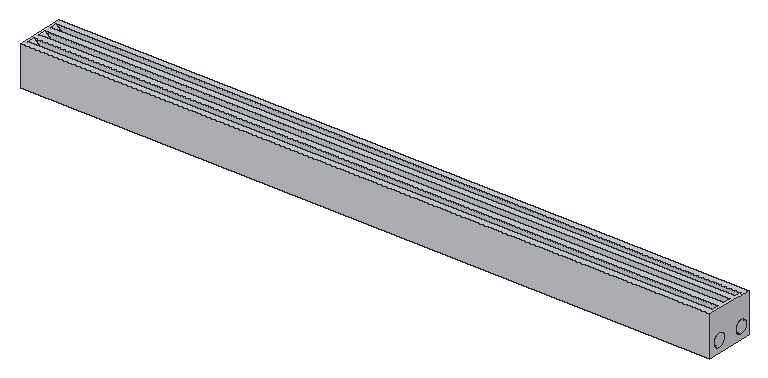
Revit family "SL04", category Mechanical Equipment, Revit 2017
Family settings
  Round Connector Dimension = Use Diameter
  Part Type = Normal
  OmniClass Number = 23.75.00.00
  OmniClass Title = Climate Control (HVAC)
  Work Plane-Based = No
  Always vertical = Yes
  Cut with Voids When Loaded = No
  Shared = No
  Room Calculation Point = No
Parameters
  Width = 83 mm
  Length = 1200 mm
  Height = 200 mm
Reference planes
  plane 1 "Center (Front/Back)": y = 0
  plane 2: z = 0
  plane 3 "Center (Left/Right)": x = 0
  plane 4: x = 0
  plane 5: x = -600
  plane 6: x = 600
  plane 7: x = -595
  plane 8: x = -580
  plane 9: x = 595
  plane 10: x = 580
  plane 11: x = 597
  plane 12: x = -597
  plane 13: z = 270
  plane 14: z = 255
  plane 15: z = 215
  plane 16: z = 200
  plane 17: y = -3
  plane 18: y = -83
  plane 19: y = -80
  plane 20: y = -65
  plane 21: y = -18
  plane 22: x = -530
  plane 23: x = 530
  plane 24: x = -533
  plane 25: x = 533
  plane 26 "Center": y = -41.5
Forms (mm)
  Extrusion 1, solid
    sketch origin (0, 0, 0) x (1, 0, 0) y (0, 0, 1)
      loop
        line (-600, 270) -> (-600, 200) -> (-595, 200) -> (-580, 215) -> (-580, 255) -> (-595, 270) -> (-600, 270)
      loop
        line (600, 270) -> (595, 270) -> (580, 255) -> (580, 215) -> (595, 200) -> (600, 200) -> (600, 270)
    from 0 to 83
  Extrusion 2, solid
    sketch origin (0, 0, 0) x (1, 0, 0) y (0, 1, 0)
      loop
        line (-595, 0) -> (-595, -11) -> (595, -11) -> (595, 0) -> (-595, 0)
    from 200 to 270
  Extrusion 3, solid
    sketch origin (0, -24, 0) x (1, 0, 0) y (0, 1, 0)
      loop
        line (-595, 0) -> (-595, -11) -> (595, -11) -> (595, 0) -> (-595, 0)
    from 200 to 270
  Extrusion 4, solid
    sketch origin (0, -48, 0) x (1, 0, 0) y (0, 1, 0)
      loop
        line (-595, 0) -> (-595, -11) -> (595, -11) -> (595, 0) -> (-595, 0)
    from 200 to 270
  Extrusion 5, solid
    sketch origin (0, -72, 0) x (1, 0, 0) y (0, 1, 0)
      loop
        line (-595, 0) -> (-595, -11) -> (595, -11) -> (595, 0) -> (-595, 0)
    from 200 to 270
  Extrusion 6, solid
    sketch origin (0, 0, 0) x (0, 1, 0) y (0, 0, 1)
      loop
        circle (-17.5, 222) r 10.5
      loop
        circle (-65.5, 222) r 10.5
    from -600 to -602
  Extrusion 7, solid
    sketch origin (0, 0, 0) x (0, 1, 0) y (0, 0, -1)
      loop
        circle (-17.5, -222) r 10.5
      loop
        circle (-65.5, -222) r 10.5
    from -600 to -602
Cuts and joins
  joined: Extrusion 1, Extrusion 2, Extrusion 3, Extrusion 4, Extrusion 5
Dimensions and locks
  equal spacing: plane 5, plane 4, plane 6
  "Length": plane 5 to plane 6
  locked: plane 7 to plane 8 at 15
  locked: plane 5 to plane 7 at 5
  locked: plane 9 to plane 10 at 15
  locked: plane 6 to plane 9 at 5
  locked: plane 11 to plane 6 at 3
  locked: plane 5 to plane 12 at 3
  "Height": plane 16 to level
  locked: plane 13 to plane 14 at 15
  locked: plane 13 to plane 16 at 70
  locked: plane 15 to plane 16 at 15
  "Width": plane 18 to plane 1 "Center (Front/Back)"
  locked: plane 23 to plane 6 at 70
  locked: plane 17 to plane 1 "Center (Front/Back)" at 3
  locked: plane 19 to plane 18 at 3
  locked: plane 21 to plane 1 "Center (Front/Back)" at 18
  locked: plane 20 to plane 18 at 18
  locked: plane 24 to plane 22 at 3
  locked: plane 23 to plane 25 at 3
  Extrusion 2 sketch curve to Extrusion 2 sketch curve = 11 mm
  Extrusion 3 sketch curve to Extrusion 3 sketch curve = 11 mm
  Extrusion 4 sketch curve to Extrusion 4 sketch curve = 11 mm
  Extrusion 5 sketch curve to Extrusion 5 sketch curve = 11 mm
  locked: plane 5 to plane 22 at 70
  equal spacing: plane 18, plane 26 "Center", plane 1 "Center (Front/Back)"
  locked: Extrusion 2 to Extrusion 2 at 11
  locked: Extrusion 3 to Extrusion 2 at 13
  plane 21 to Extrusion 3 to Extrusion 3 = 6 mm locked, 11 mm locked
  locked: Extrusion 4 to Extrusion 3 at 13
  locked: Extrusion 4 to Extrusion 4 at 11
  locked: Extrusion 5 to Extrusion 4 at 13
  locked: Extrusion 5 to Extrusion 5 at 11
  locked: plane 1 "Center (Front/Back)" to Extrusion 6 sketch curve at 17.5
  Extrusion 6 sketch curve to plane 16 = 22 mm
  locked: Extrusion 6 sketch curve to plane 18 at 17.5
  locked: Extrusion 6 sketch curve to plane 16 at 22
  locked: plane 5 to Extrusion 6 at 2
  locked: plane 6 to Extrusion 7 at 2
  aligned and locked: level to plane 2
  aligned and locked: plane 5 to Extrusion 1 sketch curve
  aligned and locked: Extrusion 1 sketch curve to plane 8
  aligned and locked: plane 16 to Extrusion 1 sketch curve
  aligned and locked: Extrusion 1 sketch curve to plane 13
  aligned and locked: Extrusion 1 sketch curve to plane 6
  aligned and locked: plane 13 to Extrusion 1 sketch curve
  aligned and locked: plane 10 to Extrusion 1 sketch curve
  aligned and locked: Extrusion 1 sketch curve to plane 16
  aligned and locked: plane 13 to Extrusion 2
  aligned and locked: Extrusion 2 to plane 16
  aligned and locked: Extrusion 5 to plane 9
  aligned and locked: Extrusion 4 to plane 9
  aligned and locked: Extrusion 3 to plane 9
  aligned and locked: Extrusion 2 to plane 9
  aligned and locked: plane 13 to Extrusion 5
  aligned and locked: plane 13 to Extrusion 4
  aligned and locked: plane 13 to Extrusion 3
  aligned and locked: Extrusion 5 to plane 16
  aligned and locked: Extrusion 4 to plane 16
  aligned and locked: Extrusion 3 to plane 16
  aligned and locked: Extrusion 1 to plane 18
  aligned and locked: plane 6 to Extrusion 7
  aligned and locked: plane 5 to Extrusion 6
Automatic sketch dimensions
  Extrusion 1 sketch curve to plane 7 = 0 mm  (x2)
  plane 9 to Extrusion 1 sketch curve = 0 mm  (x2)
  Extrusion 1 sketch curve to plane 15 = 0 mm  (x2)
  Extrusion 1 sketch curve to plane 14 = 0 mm  (x2)
  plane 1 "Center (Front/Back)" to Extrusion 2 sketch curve = 0 mm
  Extrusion 2 sketch curve to plane 7 = 0 mm
  Extrusion 2 sketch curve to plane 9 = 0 mm
  Extrusion 3 sketch curve to plane 7 = 0 mm
  Extrusion 3 sketch curve to plane 9 = 0 mm
  Extrusion 3 sketch curve to plane 21 = 17 mm
  Extrusion 4 sketch curve to plane 7 = 0 mm
  Extrusion 4 sketch curve to plane 9 = 0 mm
  Extrusion 4 sketch curve to plane 21 = 41 mm
  Extrusion 5 sketch curve to plane 7 = 0 mm
  Extrusion 5 sketch curve to plane 9 = 0 mm
  Extrusion 5 sketch curve to plane 21 = 65 mm
  Extrusion 7 sketch curve to plane 20 = 0.5 mm
  plane 21 to Extrusion 7 sketch curve = 0.5 mm
  Extrusion 7 sketch curve to plane 15 = 7 mm  (x2)
  radius of Extrusion 6 sketch curve = 10.5 mm  (x2)
  radius of Extrusion 7 sketch curve = 10.5 mm  (x2)
